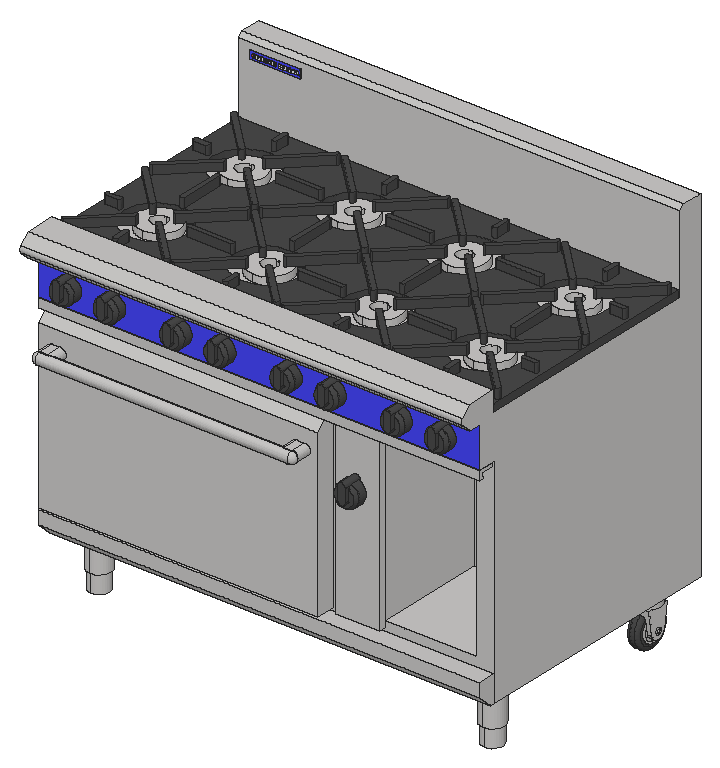
Revit family "QF_MOFFAT_BLUESEAL_CE_GE58D", category Specialty Equipment, Revit 2012 (continued)
Lines and regions (mm)
  Split face 1
    outline origin (1200, 0, 1085) x (-1, 0, 0) y (0, -1, 0)
      loop
        arc (935.206, 45.185) -> (926.545, 40.185) -> (926.545, 30.185) r 10
        line (926.545, 30.185) -> (930.587, 23.185)
        arc (930.587, 23.185) -> (934.247, 19.525) -> (939.247, 18.185) r 10
        line (939.247, 18.185) -> (1167.206, 18.185)
        arc (1167.206, 18.185) -> (1175.866, 23.185) -> (1175.866, 33.185) r 10
        line (1175.866, 33.185) -> (1171.824, 40.185)
        arc (1171.824, 40.185) -> (1168.164, 43.845) -> (1163.164, 45.185) r 10
        line (1163.164, 45.185) -> (935.206, 45.185)
  Split face 2
    outline origin (1200, 0, 1085) x (-1, 0, 0) y (0, -1, 0)
      loop
        arc (635.206, 45.185) -> (626.545, 40.185) -> (626.545, 30.185) r 10
        line (626.545, 30.185) -> (630.587, 23.185)
        arc (630.587, 23.185) -> (634.247, 19.525) -> (639.247, 18.185) r 10
        line (639.247, 18.185) -> (867.206, 18.185)
        arc (867.206, 18.185) -> (875.866, 23.185) -> (875.866, 33.185) r 10
        line (875.866, 33.185) -> (871.824, 40.185)
        arc (871.824, 40.185) -> (868.164, 43.845) -> (863.164, 45.185) r 10
        line (863.164, 45.185) -> (635.206, 45.185)
  Split face 3
    outline origin (1200, 0, 1085) x (-1, 0, 0) y (0, -1, 0)
      loop
        arc (335.206, 45.185) -> (326.545, 40.185) -> (326.545, 30.185) r 10
        line (326.545, 30.185) -> (330.587, 23.185)
        arc (330.587, 23.185) -> (334.247, 19.525) -> (339.247, 18.185) r 10
        line (339.247, 18.185) -> (567.206, 18.185)
        arc (567.206, 18.185) -> (575.866, 23.185) -> (575.866, 33.185) r 10
        line (575.866, 33.185) -> (571.824, 40.185)
        arc (571.824, 40.185) -> (568.164, 43.845) -> (563.164, 45.185) r 10
        line (563.164, 45.185) -> (335.206, 45.185)
  Split face 4
    outline origin (1200, 0, 1085) x (-1, 0, 0) y (0, -1, 0)
      loop
        arc (35.206, 45.185) -> (26.545, 40.185) -> (26.545, 30.185) r 10
        line (26.545, 30.185) -> (30.587, 23.185)
        arc (30.587, 23.185) -> (34.247, 19.525) -> (39.247, 18.185) r 10
        line (39.247, 18.185) -> (267.206, 18.185)
        arc (267.206, 18.185) -> (275.866, 23.185) -> (275.866, 33.185) r 10
        line (275.866, 33.185) -> (271.824, 40.185)
        arc (271.824, 40.185) -> (268.164, 43.845) -> (263.164, 45.185) r 10
        line (263.164, 45.185) -> (35.206, 45.185)
  symbolic lines
    curve 1: line (0, 0, 0) -> (0, -812, 0)
    curve 2: line (1200, 0, 0) -> (0, 0, 0)
    curve 3: line (1200, -812, 0) -> (1200, 0, 0)
    curve 4: line (0, -70, 0) -> (1200, -70, 0)
    curve 5: line (1200, -812, 0) -> (0, -812, 0)
    curve 6: line (1200, -708.3, 0) -> (0, -708.3, 0)
    curve 7: line (0, -705, 0) -> (1200, -705, 0)
    curve 8: line (1200, -72.734, 0) -> (0, -72.734, 0)
    curve 9: arc (22.65, -812, 0) -> (34.104, -822.278, 0) -> (48.889, -826.544, 0) r 34.455
    curve 10: line (48.889, -826.544, 0) -> (718.108, -826.544, 0)
    curve 11: arc (718.108, -826.544, 0) -> (732.653, -822.647, 0) -> (743.3, -812, 0) r 29.089
    curve 12: line (6.08, -94.387, 0) -> (121.515, -209.822, 0)
    curve 13: line (293.92, -94.387, 0) -> (178.485, -209.822, 0)
    curve 14: line (6.83, -379.864, 0) -> (121.515, -265.178, 0)
    curve 15: line (292.516, -379.21, 0) -> (178.485, -265.178, 0)
    curve 16: line (362.78, -237.81, 0) -> (237.78, -237.81, 0)
    curve 17: line (362.78, -537.81, 0) -> (237.78, -537.81, 0)
    curve 18: line (6.08, -398.155, 0) -> (121.515, -510.089, 0)
    curve 19: line (293.92, -398.155, 0) -> (178.485, -510.089, 0)
    curve 20: line (9.883, -677.078, 0) -> (121.515, -565.446, 0)
    curve 21: line (291.622, -678.583, 0) -> (178.485, -565.446, 0)
    curve 22: arc (150, -294.5, 0) -> (207, -237.5, 0) -> (150, -180.5, 0) r 57
    curve 23: arc (150, -180.5, 0) -> (93, -237.5, 0) -> (150, -294.5, 0) r 57
    curve 24: arc (150, -594.5, 0) -> (207, -537.5, 0) -> (150, -480.5, 0) r 57
    curve 25: arc (150, -480.5, 0) -> (93, -537.5, 0) -> (150, -594.5, 0) r 57
    curve 26: line (306.08, -94.387, 0) -> (421.515, -209.822, 0)
    curve 27: line (593.92, -94.387, 0) -> (478.485, -209.822, 0)
    curve 28: line (307.269, -379.424, 0) -> (421.515, -265.178, 0)
    curve 29: line (592.673, -379.366, 0) -> (478.485, -265.178, 0)
    curve 30: line (662.78, -237.81, 0) -> (537.78, -237.81, 0)
    curve 31: arc (450, -294.5, 0) -> (507, -237.5, 0) -> (450, -180.5, 0) r 57
    curve 32: arc (450, -180.5, 0) -> (393, -237.5, 0) -> (450, -294.5, 0) r 57
    curve 33: arc (750, -294.5, 0) -> (807, -237.5, 0) -> (750, -180.5, 0) r 57
    curve 34: arc (750, -180.5, 0) -> (693, -237.5, 0) -> (750, -294.5, 0) r 57
    curve 35: arc (1050, -294.5, 0) -> (1107, -237.5, 0) -> (1050, -180.5, 0) r 57
    curve 36: arc (1050, -180.5, 0) -> (993, -237.5, 0) -> (1050, -294.5, 0) r 57
    curve 37: line (606.08, -94.387, 0) -> (721.515, -209.822, 0)
    curve 38: line (893.92, -94.387, 0) -> (778.485, -209.822, 0)
    curve 39: line (607.348, -379.345, 0) -> (721.515, -265.178, 0)
    curve 40: line (893.92, -380.613, 0) -> (778.485, -265.178, 0)
    curve 41: line (962.78, -237.81, 0) -> (837.78, -237.81, 0)
    curve 42: line (906.08, -94.387, 0) -> (1021.515, -209.822, 0)
    curve 43: line (1193.92, -94.387, 0) -> (1078.485, -209.822, 0)
    curve 44: line (906.08, -380.613, 0) -> (1021.515, -265.178, 0)
    curve 45: line (1193.125, -379.818, 0) -> (1078.485, -265.178, 0)
    curve 46: line (906.08, -397.887, 0) -> (1021.392, -513.199, 0)
    curve 47: line (1193.92, -397.887, 0) -> (1079.019, -512.788, 0)
    curve 48: line (906.697, -679.996, 0) -> (1021.515, -565.178, 0)
    curve 49: line (1191.622, -678.316, 0) -> (1078.485, -565.178, 0)
    curve 50: line (306.08, -398.155, 0) -> (421.515, -510.089, 0)
    curve 51: line (593.92, -398.155, 0) -> (478.485, -510.089, 0)
    curve 52: line (308.378, -678.583, 0) -> (421.515, -565.446, 0)
    curve 53: line (593.555, -680.516, 0) -> (478.485, -565.446, 0)
    curve 54: line (606.08, -398.155, 0) -> (721.515, -510.089, 0)
    curve 55: line (893.92, -398.155, 0) -> (778.485, -510.089, 0)
    curve 56: line (607.19, -679.771, 0) -> (721.515, -565.446, 0)
    curve 57: line (893.088, -680.05, 0) -> (778.485, -565.446, 0)
    curve 58: line (149.618, -450.258, 0) -> (149.618, -325.258, 0)
    curve 59: line (449.618, -450.258, 0) -> (449.618, -325.258, 0)
    curve 60: line (749.618, -450.258, 0) -> (749.618, -325.258, 0)
    curve 61: line (1049.618, -450.258, 0) -> (1049.618, -325.258, 0)
    curve 62: line (662.78, -537.81, 0) -> (537.78, -537.81, 0)
    curve 63: line (962.78, -537.81, 0) -> (837.78, -537.81, 0)
    curve 64: line (149.197, -139.807, 0) -> (149.197, -94.807, 0)
    curve 65: line (149.197, -674.807, 0) -> (149.197, -634.807, 0)
    curve 66: line (449.197, -139.807, 0) -> (449.197, -94.807, 0)
    curve 67: line (449.197, -674.807, 0) -> (449.197, -634.807, 0)
    curve 68: line (749.197, -139.807, 0) -> (749.197, -94.807, 0)
    curve 69: line (749.197, -674.807, 0) -> (749.197, -634.807, 0)
    curve 70: line (1049.197, -139.807, 0) -> (1049.197, -94.807, 0)
    curve 71: line (1049.197, -674.807, 0) -> (1049.197, -634.807, 0)
    curve 72: line (49.678, -236.51, 0) -> (14.678, -236.51, 0)
    curve 73: line (49.678, -536.51, 0) -> (14.678, -536.51, 0)
    curve 74: arc (450, -594.5, 0) -> (507, -537.5, 0) -> (450, -480.5, 0) r 57
    curve 75: arc (450, -480.5, 0) -> (393, -537.5, 0) -> (450, -594.5, 0) r 57
    curve 76: arc (750, -480.5, 0) -> (693, -537.5, 0) -> (750, -594.5, 0) r 57
    curve 77: arc (750, -594.5, 0) -> (807, -537.5, 0) -> (750, -480.5, 0) r 57
    curve 78: arc (1050, -480.5, 0) -> (993, -537.5, 0) -> (1050, -594.5, 0) r 57
    curve 79: arc (1050, -594.5, 0) -> (1107, -537.5, 0) -> (1050, -480.5, 0) r 57
    curve 80: line (1150.322, -236.51, 0) -> (1185.322, -236.51, 0)
    curve 81: line (1150.322, -536.51, 0) -> (1185.322, -536.51, 0)
    curve 85: arc (150, -322.5, 0) -> (65, -237.5, 0) -> (150, -152.5, 0) r 85
    curve 86: arc (150, -152.5, 0) -> (235, -237.5, 0) -> (150, -322.5, 0) r 85
    curve 87: arc (450, -322.5, 0) -> (365, -237.5, 0) -> (450, -152.5, 0) r 85
    curve 88: arc (450, -152.5, 0) -> (535, -237.5, 0) -> (450, -322.5, 0) r 85
    curve 89: arc (150, -452.768, 0) -> (235, -537.768, 0) -> (150, -622.768, 0) r 85
    curve 90: arc (150, -622.768, 0) -> (65, -537.768, 0) -> (150, -452.768, 0) r 85
    curve 91: arc (450, -622.768, 0) -> (365, -537.768, 0) -> (450, -452.768, 0) r 85
    curve 92: arc (450, -452.768, 0) -> (535, -537.768, 0) -> (450, -622.768, 0) r 85
    curve 93: arc (750, -322.5, 0) -> (665, -237.5, 0) -> (750, -152.5, 0) r 85
    curve 94: arc (750, -152.5, 0) -> (835, -237.5, 0) -> (750, -322.5, 0) r 85
    curve 95: arc (1050, -322.5, 0) -> (965, -237.5, 0) -> (1050, -152.5, 0) r 85
    curve 96: arc (1050, -152.5, 0) -> (1135, -237.5, 0) -> (1050, -322.5, 0) r 85
    curve 97: arc (750, -452.768, 0) -> (835, -537.768, 0) -> (750, -622.768, 0) r 85
    curve 98: arc (750, -622.768, 0) -> (665, -537.768, 0) -> (750, -452.768, 0) r 85
    curve 99: arc (1050, -622.768, 0) -> (965, -537.768, 0) -> (1050, -452.768, 0) r 85
    curve 100: arc (1050, -452.768, 0) -> (1135, -537.768, 0) -> (1050, -622.768, 0) r 85
    curve 101: line (300.232, -72.734, 0) -> (300.232, -705, 0)
    curve 102: line (0, -390.308, 0) -> (1200, -390.308, 0)
    curve 103: line (600, -72.734, 0) -> (600, -705, 0)
    curve 104: line (900, -72.734, 0) -> (900, -705, 0)
    curve 105: arc (150, -215.5, 0) -> (172, -237.5, 0) -> (150, -259.5, 0) r 22
    curve 106: arc (150, -259.5, 0) -> (128, -237.5, 0) -> (150, -215.5, 0) r 22
    curve 107: arc (450, -215.5, 0) -> (472, -237.5, 0) -> (450, -259.5, 0) r 22
    curve 108: arc (450, -259.5, 0) -> (428, -237.5, 0) -> (450, -215.5, 0) r 22
    curve 109: arc (750, -215.5, 0) -> (772, -237.5, 0) -> (750, -259.5, 0) r 22
    curve 110: arc (750, -259.5, 0) -> (728, -237.5, 0) -> (750, -215.5, 0) r 22
    curve 111: arc (1050, -259.5, 0) -> (1028, -237.5, 0) -> (1050, -215.5, 0) r 22
    curve 112: arc (1050, -215.5, 0) -> (1072, -237.5, 0) -> (1050, -259.5, 0) r 22
    curve 113: arc (150, -515.5, 0) -> (172, -537.5, 0) -> (150, -559.5, 0) r 22
    curve 114: arc (150, -559.5, 0) -> (128, -537.5, 0) -> (150, -515.5, 0) r 22
    curve 115: arc (450, -515.5, 0) -> (472, -537.5, 0) -> (450, -559.5, 0) r 22
    curve 116: arc (450, -559.5, 0) -> (428, -537.5, 0) -> (450, -515.5, 0) r 22
    curve 117: arc (750, -515.5, 0) -> (772, -537.5, 0) -> (750, -559.5, 0) r 22
    curve 118: arc (750, -559.5, 0) -> (728, -537.5, 0) -> (750, -515.5, 0) r 22
    curve 119: arc (1050, -515.5, 0) -> (1072, -537.5, 0) -> (1050, -559.5, 0) r 22
    curve 120: arc (1050, -559.5, 0) -> (1028, -537.5, 0) -> (1050, -515.5, 0) r 22
    curve 121: line (1160.753, -18.185, 0) -> (932.794, -18.185, 0)
    curve 122: arc (932.794, -18.185, 0) -> (924.134, -23.185, 0) -> (924.134, -33.185, 0) r 10
    curve 123: line (924.134, -33.185, 0) -> (928.176, -40.185, 0)
    curve 124: arc (928.176, -40.185, 0) -> (931.836, -43.845, 0) -> (936.836, -45.185, 0) r 10
    curve 125: line (936.836, -45.185, 0) -> (1164.794, -45.185, 0)
    curve 126: arc (1164.794, -45.185, 0) -> (1173.455, -40.185, 0) -> (1173.455, -30.185, 0) r 10
    curve 127: line (1173.455, -30.185, 0) -> (1169.413, -23.185, 0)
    curve 128: arc (1169.413, -23.185, 0) -> (1165.753, -19.525, 0) -> (1160.753, -18.185, 0) r 10
    curve 129: line (632.794, -18.185, 0) -> (860.753, -18.185, 0)
    curve 130: arc (860.753, -18.185, 0) -> (865.753, -19.525, 0) -> (869.413, -23.185, 0) r 10
    curve 131: line (869.413, -23.185, 0) -> (873.455, -30.185, 0)
    curve 132: arc (873.455, -30.185, 0) -> (873.455, -40.185, 0) -> (864.794, -45.185, 0) r 10
    curve 133: line (864.794, -45.185, 0) -> (636.836, -45.185, 0)
    curve 134: arc (636.836, -45.185, 0) -> (631.836, -43.845, 0) -> (628.176, -40.185, 0) r 10
    curve 135: line (628.176, -40.185, 0) -> (624.134, -33.185, 0)
    curve 136: arc (624.134, -33.185, 0) -> (624.134, -23.185, 0) -> (632.794, -18.185, 0) r 10
    curve 137: line (332.794, -18.185, 0) -> (560.753, -18.185, 0)
    curve 138: arc (560.753, -18.185, 0) -> (565.753, -19.525, 0) -> (569.413, -23.185, 0) r 10
    curve 139: line (569.413, -23.185, 0) -> (573.455, -30.185, 0)
    curve 140: arc (573.455, -30.185, 0) -> (573.455, -40.185, 0) -> (564.794, -45.185, 0) r 10
    curve 141: line (564.794, -45.185, 0) -> (336.836, -45.185, 0)
    curve 142: arc (336.836, -45.185, 0) -> (331.836, -43.845, 0) -> (328.176, -40.185, 0) r 10
    curve 143: line (328.176, -40.185, 0) -> (324.134, -33.185, 0)
    curve 144: arc (324.134, -33.185, 0) -> (324.134, -23.185, 0) -> (332.794, -18.185, 0) r 10
    curve 145: line (260.753, -18.185, 0) -> (32.794, -18.185, 0)
    curve 146: arc (32.794, -18.185, 0) -> (24.134, -23.185, 0) -> (24.134, -33.185, 0) r 10
    curve 147: line (24.134, -33.185, 0) -> (28.176, -40.185, 0)
    curve 148: arc (28.176, -40.185, 0) -> (31.836, -43.845, 0) -> (36.836, -45.185, 0) r 10
    curve 149: line (36.836, -45.185, 0) -> (264.794, -45.185, 0)
    curve 150: arc (264.794, -45.185, 0) -> (273.455, -40.185, 0) -> (273.455, -30.185, 0) r 10
    curve 151: line (273.455, -30.185, 0) -> (269.413, -23.185, 0)
    curve 152: arc (269.413, -23.185, 0) -> (265.753, -19.525, 0) -> (260.753, -18.185, 0) r 10
    curve 153: line (0, -57.5, 0) -> (1200, -57.5, 0)
    curve 154: line (0, -783.97, 0) -> (1200, -783.97, 0)
  symbolic lines, style "QF_Door-Drawer Clearances", visible <- "Show Clearance"
    curve 82: line (0, -1218.847, 0) -> (760, -1218.847, 0)
    curve 83: line (760, -1218.847, 0) -> (760, -812, 0)
    curve 84: line (0, -1218.847, 0) -> (0, -812, 0)
Dimensions and locks
  equal spacing: plane 3 "LEFT", plane 7 "Center Y", plane 4 "RIGHT"
  "Width": plane 3 "LEFT" to plane 4 "RIGHT"
  equal spacing: plane 5 "FRONT", plane 8 "Center X", plane 1 "BACK"
  plane 5 "FRONT" to plane 1 "BACK" = 812 mm  (x2)
  equal spacing: plane 4 "RIGHT", plane 7 "Center Y", plane 3 "LEFT"
  plane 4 "RIGHT" to plane 3 "LEFT" = 1200 mm
  "Height": plane 6 "TOP" to level
  plane 10 to plane 1 "BACK" = 574.272 mm
  plane 12 to plane 1 "BACK" = 304.972 mm  (x2)
  plane 11 to plane 3 "LEFT" = 60 mm
  plane 14 to plane 3 "LEFT" = 74 mm
  plane 9 to plane 3 "LEFT" = 280 mm
  "Depth": plane 1 "BACK" to plane 15
  plane 5 "FRONT" to plane 15 = 0 mm
  plane 6 "TOP" to plane 2 = 970 mm
  locked: plane 2 to Extrusion 1 sketch curve at 861.8
  locked: plane 2 to Extrusion 1 sketch curve at 915
  locked: plane 4 "RIGHT" to plane 16 at 65.5
  Extrusion 8 sketch curve to plane 20 = 64.8 mm
  Extrusion 33 sketch curve to plane 4 "RIGHT" = 374 mm
  Extrusion 33 sketch curve to plane 1 "BACK" = 501 mm
  plane 21 to level = 1085 mm
  Revolve 37 sketch curve to Revolve 37 sketch curve = 50.8 mm
  Revolve 41 sketch curve to Revolve 41 sketch curve = 50.8 mm
  aligned and locked: level to plane 2
  aligned and locked: curve 3 to plane 4 "RIGHT"
  aligned and locked: Extrusion 1 to plane 4 "RIGHT"
  aligned and locked: plane 16 to Revolve 4
  aligned and locked: plane 4 "RIGHT" to Extrusion 8 sketch curve
  aligned and locked: Extrusion 28 to Extrusion 2
Automatic sketch dimensions
  Extrusion 2 sketch curve to Extrusion 2 sketch curve = 24 mm  (x2)
  Extrusion 2 sketch curve to Extrusion 2 sketch curve = 50 mm
  level to Extrusion 2 sketch curve = 227.5 mm
  Extrusion 3 sketch curve to Extrusion 3 sketch curve = 15 mm
  level to Extrusion 3 sketch curve = 227.5 mm
  Revolve 4 sketch curve to level = 0 mm
  Revolve 4 sketch curve to plane 10 = 82.478 mm
  Revolve 4 sketch curve to Revolve 4 sketch curve = 4.25 mm
  Revolve 4 sketch curve to Revolve 4 sketch curve = 27.5 mm  (x2)
  level to Revolve 4 sketch curve = 50 mm
  Revolve 4 sketch curve to Revolve 4 sketch curve = 0 mm
  Revolve 4 sketch curve to Revolve 4 sketch curve = 100 mm
  Revolve 4 sketch curve to Revolve 4 sketch curve = 55 mm
  Revolve 5 sketch curve to level = 0 mm
  Revolve 5 sketch curve to plane 10 = 82.478 mm
  Revolve 5 sketch curve to Revolve 5 sketch curve = 4.25 mm
  Revolve 5 sketch curve to Revolve 5 sketch curve = 27.5 mm  (x2)
  Revolve 5 sketch curve to level = 55 mm
  Revolve 5 sketch curve to Revolve 5 sketch curve = 50 mm
  Revolve 5 sketch curve to Revolve 5 sketch curve = 0 mm
  Revolve 5 sketch curve to Revolve 5 sketch curve = 100 mm
  plane 17 to Extrusion 6 sketch curve = 0 mm
  Extrusion 6 sketch curve to plane 16 = 64.5 mm
  Revolve 10 sketch curve to plane 5 "FRONT" = 19 mm
  Revolve 10 sketch curve to Revolve 10 sketch curve = 0 mm  (x2)
  Revolve 10 sketch curve to Revolve 10 sketch curve = 11 mm
  Revolve 10 sketch curve to Revolve 10 sketch curve = 12.7 mm
  Revolve 10 sketch curve to Revolve 10 sketch curve = 23 mm
  Revolve 10 sketch curve to Revolve 10 sketch curve = 10 mm
  plane 18 to Revolve 10 sketch curve = 141.882 mm
  Revolve 10 sketch curve to Revolve 10 sketch curve = 5 mm
  Revolve 10 sketch curve to Revolve 10 sketch curve = 26.651 mm
  Revolve 10 sketch curve to Revolve 10 sketch curve = 5.849 mm
  Revolve 11 sketch curve to plane 5 "FRONT" = 19 mm
  Revolve 11 sketch curve to Revolve 11 sketch curve = 0 mm  (x2)
  Revolve 11 sketch curve to Revolve 11 sketch curve = 11 mm
  Revolve 11 sketch curve to Revolve 11 sketch curve = 12.7 mm
  Revolve 11 sketch curve to Revolve 11 sketch curve = 23 mm
  Revolve 11 sketch curve to Revolve 11 sketch curve = 10 mm
  plane 18 to Revolve 11 sketch curve = 141.882 mm
  Revolve 11 sketch curve to Revolve 11 sketch curve = 5 mm
  Revolve 11 sketch curve to Revolve 11 sketch curve = 26.651 mm
  Revolve 11 sketch curve to Revolve 11 sketch curve = 5.849 mm
  Revolve 12 sketch curve to plane 5 "FRONT" = 19 mm
  Revolve 12 sketch curve to Revolve 12 sketch curve = 0 mm  (x2)
  Revolve 12 sketch curve to Revolve 12 sketch curve = 11 mm
  Revolve 12 sketch curve to Revolve 12 sketch curve = 12.7 mm
  Revolve 12 sketch curve to Revolve 12 sketch curve = 23 mm
  Revolve 12 sketch curve to Revolve 12 sketch curve = 10 mm
  plane 18 to Revolve 12 sketch curve = 174.382 mm
  Revolve 12 sketch curve to Revolve 12 sketch curve = 5.849 mm
  Revolve 12 sketch curve to Revolve 12 sketch curve = 27.5 mm
  Revolve 12 sketch curve to Revolve 12 sketch curve = 5 mm
  Revolve 13 sketch curve to plane 5 "FRONT" = 19 mm
  Revolve 13 sketch curve to Revolve 13 sketch curve = 0 mm  (x2)
  Revolve 13 sketch curve to Revolve 13 sketch curve = 11 mm
  Revolve 13 sketch curve to Revolve 13 sketch curve = 12.7 mm
  Revolve 13 sketch curve to Revolve 13 sketch curve = 23 mm
  Revolve 13 sketch curve to Revolve 13 sketch curve = 10 mm
  plane 18 to Revolve 13 sketch curve = 174.382 mm
  Revolve 13 sketch curve to Revolve 13 sketch curve = 5.849 mm
  Revolve 13 sketch curve to Revolve 13 sketch curve = 27.5 mm
  Revolve 13 sketch curve to Revolve 13 sketch curve = 5 mm
  Revolve 14 sketch curve to plane 5 "FRONT" = 19 mm
  Revolve 14 sketch curve to Revolve 14 sketch curve = 0 mm  (x2)
  Revolve 14 sketch curve to Revolve 14 sketch curve = 11 mm
  Revolve 14 sketch curve to Revolve 14 sketch curve = 12.7 mm
  Revolve 14 sketch curve to Revolve 14 sketch curve = 23 mm
  Revolve 14 sketch curve to Revolve 14 sketch curve = 10 mm
  plane 18 to Revolve 14 sketch curve = 174.382 mm
  Revolve 14 sketch curve to Revolve 14 sketch curve = 5.849 mm
  Revolve 14 sketch curve to Revolve 14 sketch curve = 27.5 mm
  Revolve 14 sketch curve to Revolve 14 sketch curve = 5 mm
  Revolve 15 sketch curve to plane 5 "FRONT" = 19 mm
  Revolve 15 sketch curve to Revolve 15 sketch curve = 0 mm  (x2)
  Revolve 15 sketch curve to Revolve 15 sketch curve = 11 mm
  Revolve 15 sketch curve to Revolve 15 sketch curve = 12.7 mm
  Revolve 15 sketch curve to Revolve 15 sketch curve = 23 mm
  Revolve 15 sketch curve to Revolve 15 sketch curve = 10 mm
  plane 18 to Revolve 15 sketch curve = 174.382 mm
  Revolve 15 sketch curve to Revolve 15 sketch curve = 5.849 mm
  Revolve 15 sketch curve to Revolve 15 sketch curve = 27.5 mm
  Revolve 15 sketch curve to Revolve 15 sketch curve = 5 mm
  Revolve 16 sketch curve to plane 5 "FRONT" = 19 mm
  Revolve 16 sketch curve to Revolve 16 sketch curve = 0 mm  (x2)
  Revolve 16 sketch curve to Revolve 16 sketch curve = 11 mm
  Revolve 16 sketch curve to Revolve 16 sketch curve = 12.7 mm
  Revolve 16 sketch curve to Revolve 16 sketch curve = 23 mm
  Revolve 16 sketch curve to Revolve 16 sketch curve = 10 mm
  plane 18 to Revolve 16 sketch curve = 141.882 mm
  Revolve 16 sketch curve to Revolve 16 sketch curve = 5 mm
  Revolve 16 sketch curve to Revolve 16 sketch curve = 26.651 mm
  Revolve 16 sketch curve to Revolve 16 sketch curve = 5.849 mm
  Revolve 17 sketch curve to plane 5 "FRONT" = 19 mm
  Revolve 17 sketch curve to Revolve 17 sketch curve = 0 mm  (x2)
  Revolve 17 sketch curve to Revolve 17 sketch curve = 11 mm
  Revolve 17 sketch curve to Revolve 17 sketch curve = 12.7 mm
  Revolve 17 sketch curve to Revolve 17 sketch curve = 23 mm
  Revolve 17 sketch curve to Revolve 17 sketch curve = 10 mm
  plane 18 to Revolve 17 sketch curve = 141.882 mm
  Revolve 17 sketch curve to Revolve 17 sketch curve = 5 mm
  Revolve 17 sketch curve to Revolve 17 sketch curve = 26.651 mm
  Revolve 17 sketch curve to Revolve 17 sketch curve = 5.849 mm
  plane 14 to Extrusion 18 sketch curve = 26.156 mm
  plane 14 to Extrusion 18 sketch curve = 16.156 mm
  plane 18 to Extrusion 18 sketch curve = 168.882 mm
  Extrusion 18 sketch curve to Extrusion 18 sketch curve = 35 mm
  Extrusion 19 sketch curve to plane 9 = 59.844 mm
  Extrusion 19 sketch curve to Extrusion 19 sketch curve = 10 mm
  plane 18 to Extrusion 19 sketch curve = 168.882 mm
  Extrusion 19 sketch curve to Extrusion 19 sketch curve = 35 mm
  plane 9 to Extrusion 20 sketch curve = 120.132 mm
  Extrusion 20 sketch curve to Extrusion 20 sketch curve = 10 mm
  plane 18 to Extrusion 20 sketch curve = 168.882 mm
  Extrusion 20 sketch curve to Extrusion 20 sketch curve = 35 mm
  Extrusion 21 sketch curve to plane 7 "Center Y" = 79.868 mm
  Extrusion 21 sketch curve to Extrusion 21 sketch curve = 10 mm
  plane 18 to Extrusion 21 sketch curve = 168.882 mm
  Extrusion 21 sketch curve to Extrusion 21 sketch curve = 35 mm
  plane 7 "Center Y" to Extrusion 22 sketch curve = 100.108 mm
  Extrusion 22 sketch curve to Extrusion 22 sketch curve = 10 mm
  plane 18 to Extrusion 22 sketch curve = 168.882 mm
  Extrusion 22 sketch curve to Extrusion 22 sketch curve = 35 mm
  plane 7 "Center Y" to Extrusion 23 sketch curve = 220.108 mm
  Extrusion 23 sketch curve to Extrusion 23 sketch curve = 10 mm
  plane 18 to Extrusion 23 sketch curve = 168.882 mm
  Extrusion 23 sketch curve to Extrusion 23 sketch curve = 35 mm
  Extrusion 24 sketch curve to plane 16 = 134.417 mm
  Extrusion 24 sketch curve to Extrusion 24 sketch curve = 10 mm
  plane 18 to Extrusion 24 sketch curve = 168.882 mm
  Extrusion 24 sketch curve to Extrusion 24 sketch curve = 35 mm
  Extrusion 25 sketch curve to plane 16 = 14.417 mm
  Extrusion 25 sketch curve to Extrusion 25 sketch curve = 10 mm
  plane 18 to Extrusion 25 sketch curve = 168.882 mm
  Extrusion 25 sketch curve to Extrusion 25 sketch curve = 35 mm
  Revolve 26 sketch curve to plane 5 "FRONT" = 54.5 mm
  Revolve 26 sketch curve to Revolve 26 sketch curve = 0 mm  (x2)
  Revolve 26 sketch curve to Revolve 26 sketch curve = 11 mm
  Revolve 26 sketch curve to Revolve 26 sketch curve = 12.7 mm
  Revolve 26 sketch curve to Revolve 26 sketch curve = 23 mm
  Revolve 26 sketch curve to Revolve 26 sketch curve = 10 mm
  Revolve 26 sketch curve to plane 18 = 104.368 mm
  Revolve 26 sketch curve to Revolve 26 sketch curve = 5 mm
  Revolve 26 sketch curve to Revolve 26 sketch curve = 26.651 mm
  Revolve 26 sketch curve to Revolve 26 sketch curve = 5.849 mm
  plane 7 "Center Y" to Extrusion 27 sketch curve = 227.344 mm
  Extrusion 27 sketch curve to Extrusion 27 sketch curve = 10 mm
  Extrusion 27 sketch curve to plane 18 = 112.368 mm
  Extrusion 27 sketch curve to Extrusion 27 sketch curve = 35 mm
  Extrusion 7 sketch curve to Extrusion 1 = 50 mm
  Extrusion 1 to Extrusion 7 sketch curve = 60.219 mm
  Extrusion 1 to Extrusion 7 sketch curve = 96 mm
  Extrusion 7 sketch curve to Extrusion 7 sketch curve = 250 mm
  Extrusion 9 sketch curve to plane 17 = 61.602 mm  (x5)
  Extrusion 9 sketch curve to Extrusion 9 sketch curve = 0 mm  (x23)
  plane 3 "LEFT" to Extrusion 9 sketch curve = 15.153 mm
  Extrusion 9 sketch curve to plane 7 "Center Y" = 15.153 mm  (x2)
  plane 7 "Center Y" to Extrusion 9 sketch curve = 15.153 mm
  plane 4 "RIGHT" to Extrusion 9 sketch curve = 15.153 mm  (x2)
  plane 9 to Extrusion 9 sketch curve = 4.847 mm  (x3)
  Extrusion 9 sketch curve to Extrusion 9 sketch curve = 4.525 mm  (x48)
  Extrusion 9 sketch curve to plane 17 = 67.398 mm  (x4)
  Extrusion 9 sketch curve to Extrusion 9 sketch curve = 36.204 mm  (x8)
  Extrusion 9 sketch curve to Extrusion 9 sketch curve = 65.923 mm  (x4)
  plane 3 "LEFT" to Extrusion 9 sketch curve = 16.591 mm  (x2)
  plane 12 to Extrusion 9 sketch curve = 74.863 mm  (x2)
  plane 4 "RIGHT" to Extrusion 9 sketch curve = 15.648 mm  (x2)
  Extrusion 9 sketch curve to Extrusion 9 sketch curve = 20.524 mm  (x13)
  Extrusion 9 sketch curve to Extrusion 9 sketch curve = 6.4 mm  (x22)
  plane 12 to Extrusion 9 sketch curve = 40.548 mm  (x8)
  Extrusion 9 sketch curve to plane 12 = 24.426 mm  (x4)
  Extrusion 9 sketch curve to plane 13 = 7.374 mm  (x8)
  plane 8 "Center X" to Extrusion 9 sketch curve = 8.898 mm  (x8)
  plane 8 "Center X" to Extrusion 9 sketch curve = 4.372 mm  (x8)
  Extrusion 9 sketch curve to plane 8 "Center X" = 43.102 mm  (x4)
  Extrusion 9 sketch curve to Extrusion 9 sketch curve = 55.923 mm  (x12)
  plane 10 to Extrusion 9 sketch curve = 43.646 mm  (x2)
  Extrusion 9 sketch curve to plane 11 = 9.416 mm  (x2)
  plane 10 to Extrusion 9 sketch curve = 43.172 mm  (x3)
  plane 10 to Extrusion 9 sketch curve = 9.848 mm  (x8)
  plane 10 to Extrusion 9 sketch curve = 5.323 mm  (x8)
  Extrusion 9 sketch curve to plane 10 = 65.126 mm  (x4)
  plane 9 to Extrusion 9 sketch curve = 13.898 mm
  Extrusion 9 sketch curve to plane 10 = 98.074 mm  (x5)
  plane 7 "Center Y" to Extrusion 9 sketch curve = 6.102 mm  (x3)
  plane 4 "RIGHT" to Extrusion 9 sketch curve = 6.102 mm
  plane 9 to Extrusion 9 sketch curve = 26.102 mm
  Extrusion 9 sketch curve to plane 7 "Center Y" = 6.102 mm
  plane 3 "LEFT" to Extrusion 9 sketch curve = 6.102 mm  (x3)
  plane 14 to Extrusion 9 sketch curve = 40.025 mm  (x4)
  plane 14 to Extrusion 9 sketch curve = 69.6 mm
  Extrusion 9 sketch curve to Extrusion 9 sketch curve = 53.847 mm  (x16)
  Extrusion 9 sketch curve to plane 9 = 38.102 mm  (x2)
  Extrusion 9 sketch curve to Extrusion 9 sketch curve = 12.205 mm  (x7)
  plane 9 to Extrusion 9 sketch curve = 78.102 mm  (x2)
  Extrusion 9 sketch curve to plane 7 "Center Y" = 58.102 mm  (x2)
  plane 7 "Center Y" to Extrusion 9 sketch curve = 58.102 mm  (x2)
  Extrusion 9 sketch curve to Extrusion 9 sketch curve = 128.447 mm  (x3)
  Extrusion 9 sketch curve to Extrusion 9 sketch curve = 116.204 mm  (x2)
  Extrusion 9 sketch curve to plane 16 = 90.9 mm
  plane 16 to Extrusion 9 sketch curve = 15.859 mm  (x2)
  Extrusion 28 sketch curve to Extrusion 2 = 0 mm  (x2)
  Extrusion 28 sketch curve to Extrusion 28 sketch curve = 469.847 mm
  Extrusion 29 sketch curve to plane 16 = 0.512 mm
  Extrusion 29 sketch curve to Extrusion 29 sketch curve = 81 mm
  Extrusion 29 sketch curve to plane 17 = 6.76 mm
  Extrusion 29 sketch curve to Extrusion 29 sketch curve = 48.5 mm
  Extrusion 29 sketch curve to plane 1 "BACK" = 30.24 mm
  Extrusion 29 sketch curve to plane 17 = 55.26 mm
  Extrusion 3 sketch curve to plane 5 "FRONT" = 98 mm
  plane 18 to Extrusion 3 sketch curve = 45 mm
  Extrusion 30 sketch curve to plane 11 = 1.472 mm
  Extrusion 30 sketch curve to plane 18 = 46.875 mm  (x2)
  Extrusion 30 sketch curve to Extrusion 30 sketch curve = 15 mm  (x2)
  plane 7 "Center Y" to Extrusion 30 sketch curve = 102.757 mm
  Extrusion 30 sketch curve to Extrusion 30 sketch curve = 20.282 mm  (x2)
  Revolve 31 sketch curve to plane 3 "LEFT" = 6.961 mm
  plane 3 "LEFT" to Revolve 31 sketch curve = 23.246 mm
  Revolve 31 sketch curve to plane 18 = 16.875 mm
  Revolve 31 sketch curve to Revolve 31 sketch curve = 15 mm
  Revolve 31 sketch curve to plane 7 "Center Y" = 11.961 mm
  plane 7 "Center Y" to Revolve 31 sketch curve = 123.039 mm
  Revolve 31 sketch curve to Revolve 31 sketch curve = 0 mm
  Extrusion 32 sketch curve to Extrusion 32 sketch curve = 0 mm  (x17)
  Extrusion 1 to Extrusion 32 sketch curve = 167.5 mm  (x4)
  Extrusion 32 sketch curve to Extrusion 1 = 178.5 mm  (x4)
  Extrusion 1 to Extrusion 32 sketch curve = 150 mm  (x4)
  Extrusion 32 sketch curve to Extrusion 32 sketch curve = 300 mm  (x3)
  curve 22 to curve 106 = 0 mm
  curve 23 to curve 85 = 0 mm
  curve 23 to curve 86 = 0 mm
  curve 24 to curve 113 = 0 mm
  curve 24 to curve 114 = 0 mm
  curve 31 to curve 107 = 0 mm
  curve 32 to curve 88 = 0 mm  (x2)
  curve 33 to curve 93 = 0 mm
  curve 34 to curve 94 = 0 mm
  curve 34 to curve 109 = 0 mm
  curve 35 to curve 95 = 0 mm
  curve 36 to curve 95 = 0 mm
  curve 36 to curve 111 = 0 mm
  curve 75 to curve 116 = 0 mm  (x2)
  curve 77 to curve 117 = 0 mm
  curve 77 to curve 118 = 0 mm
  curve 78 to curve 119 = 0 mm
  curve 79 to curve 120 = 0 mm
  curve 85 to curve 106 = 0 mm
  curve 87 to curve 108 = 0 mm
  curve 94 to curve 110 = 0 mm
  curve 95 to curve 112 = 0 mm
  plane 1 "BACK" to curve 1 = 0 mm
  curve 1 to plane 3 "LEFT" = 0 mm
  plane 5 "FRONT" to curve 9 = 0 mm
  plane 22 to curve 101 = 0 mm
  curve 103 to plane 7 "Center Y" = 0 mm
  plane 3 "LEFT" to curve 12 = 6.08 mm
  plane 3 "LEFT" to curve 18 = 6.08 mm
  plane 3 "LEFT" to curve 14 = 6.83 mm
  plane 3 "LEFT" to curve 20 = 9.883 mm
  plane 3 "LEFT" to curve 73 = 14.678 mm
  plane 3 "LEFT" to curve 72 = 14.678 mm
  plane 3 "LEFT" to curve 9 = 22.65 mm
  curve 10 to plane 11 = 11.111 mm
  curve 72 to plane 11 = 10.322 mm
  curve 73 to plane 11 = 10.322 mm
  curve 9 to plane 11 = 9.192 mm
  plane 14 to curve 12 = 47.515 mm
  plane 14 to curve 18 = 47.515 mm
  plane 14 to curve 14 = 47.515 mm
  plane 10 to curve 20 = 8.826 mm
  plane 14 to curve 20 = 47.515 mm
  curve 65 to plane 22 = 30.193 mm
  plane 14 to curve 65 = 75.197 mm
  plane 14 to curve 64 = 75.197 mm
  curve 18 to curve 58 = 28.103 mm
  plane 10 to curve 113 = 14.772 mm
  curve 20 to curve 113 = 28.485 mm
  curve 12 to curve 105 = 28.485 mm
  curve 58 to curve 90 = 0.382 mm
  plane 12 to curve 15 = 39.794 mm
  curve 105 to curve 15 = 28.485 mm
  curve 105 to curve 13 = 28.485 mm
  curve 113 to curve 19 = 28.485 mm
  plane 10 to curve 21 = 8.826 mm
  curve 114 to curve 21 = 28.485 mm
  curve 17 to plane 9 = 42.22 mm
  curve 16 to plane 9 = 42.22 mm
  plane 9 to curve 21 = 11.622 mm
  plane 9 to curve 15 = 12.516 mm
  plane 9 to curve 19 = 13.92 mm
  plane 9 to curve 13 = 13.92 mm
  plane 9 to curve 101 = 20.232 mm
  curve 13 to curve 26 = 12.16 mm
  plane 8 "Center X" to curve 50 = 7.845 mm
  curve 19 to curve 50 = 12.16 mm
  curve 15 to curve 28 = 14.753 mm
  curve 21 to curve 52 = 16.756 mm
  plane 9 to curve 16 = 82.78 mm
  plane 10 to curve 17 = 36.462 mm
  plane 9 to curve 17 = 82.78 mm
  plane 10 to curve 52 = 8.826 mm
  curve 17 to curve 52 = 58.735 mm
  curve 16 to curve 26 = 58.735 mm
  plane 12 to curve 28 = 39.794 mm
  curve 28 to curve 26 = 0 mm
  plane 10 to curve 50 = 64.183 mm
  curve 50 to curve 52 = 0 mm
  curve 26 to curve 66 = 27.682 mm
  curve 52 to curve 67 = 27.682 mm
  curve 59 to plane 12 = 20.285 mm
  curve 28 to curve 59 = 28.103 mm
  plane 10 to curve 115 = 14.772 mm
  curve 52 to curve 115 = 28.485 mm
  curve 26 to curve 108 = 28.485 mm
  curve 67 to curve 92 = 0.803 mm
  curve 115 to curve 51 = 28.485 mm
  plane 10 to curve 53 = 8.826 mm
  curve 115 to curve 53 = 28.485 mm
  plane 12 to curve 29 = 39.794 mm
  curve 107 to curve 29 = 28.485 mm
  curve 108 to curve 27 = 28.485 mm
  curve 62 to plane 7 "Center Y" = 62.22 mm
  curve 30 to plane 7 "Center Y" = 62.22 mm
  curve 29 to plane 7 "Center Y" = 7.327 mm
  curve 53 to plane 7 "Center Y" = 6.445 mm
  curve 27 to plane 7 "Center Y" = 6.08 mm
  curve 51 to plane 7 "Center Y" = 6.08 mm
  plane 7 "Center Y" to curve 37 = 6.08 mm
  plane 7 "Center Y" to curve 54 = 6.08 mm
  plane 7 "Center Y" to curve 56 = 7.19 mm
  plane 7 "Center Y" to curve 39 = 7.348 mm
  plane 7 "Center Y" to curve 30 = 62.78 mm
  plane 7 "Center Y" to curve 62 = 62.78 mm
  curve 11 to plane 5 "FRONT" = 14.544 mm
  plane 7 "Center Y" to curve 11 = 118.108 mm
  plane 10 to curve 56 = 8.826 mm
  curve 62 to curve 56 = 58.735 mm
  curve 54 to curve 56 = 0 mm
  plane 12 to curve 39 = 39.794 mm
  curve 30 to curve 39 = 58.735 mm
  curve 37 to curve 39 = 0 mm
  curve 11 to curve 11 = 25.191 mm
  curve 56 to curve 69 = 27.682 mm
  curve 37 to curve 68 = 27.682 mm
  curve 54 to curve 60 = 28.103 mm
  curve 54 to curve 77 = 28.485 mm
  curve 60 to curve 98 = 0.382 mm
  curve 39 to curve 109 = 28.485 mm
  plane 7 "Center Y" to curve 82 = 160 mm
  plane 10 to curve 55 = 64.183 mm
  curve 118 to curve 55 = 28.485 mm
  plane 12 to curve 40 = 39.794 mm
  curve 109 to curve 40 = 28.485 mm
  curve 109 to curve 38 = 28.485 mm
  plane 10 to curve 57 = 8.826 mm
  curve 118 to curve 57 = 28.485 mm
  curve 57 to curve 63 = 59.295 mm
  curve 40 to curve 41 = 59.295 mm
  curve 57 to plane 22 = 24.95 mm
  curve 69 to curve 57 = 143.891 mm
  plane 8 "Center X" to curve 55 = 7.845 mm
  curve 63 to curve 55 = 56.14 mm
  curve 40 to plane 13 = 15.641 mm
  curve 40 to curve 55 = 0 mm
  curve 38 to plane 17 = 62.387 mm
  curve 68 to curve 38 = 144.723 mm
  curve 38 to curve 104 = 6.08 mm
  curve 42 to plane 17 = 62.387 mm
  curve 38 to curve 42 = 12.16 mm
  curve 44 to plane 13 = 15.641 mm
  curve 40 to curve 44 = 12.16 mm
  plane 8 "Center X" to curve 46 = 8.113 mm
  curve 55 to curve 46 = 12.16 mm
  curve 48 to plane 22 = 25.004 mm
  curve 57 to curve 48 = 13.609 mm
  curve 41 to curve 41 = 125 mm
  plane 10 to curve 63 = 36.462 mm
  curve 63 to curve 63 = 125 mm
  curve 63 to curve 46 = 58.612 mm
  plane 10 to curve 48 = 9.094 mm
  curve 46 to curve 48 = 0.123 mm
  curve 41 to curve 42 = 58.735 mm
  plane 12 to curve 44 = 39.794 mm
  curve 44 to curve 42 = 0 mm
  curve 71 to plane 22 = 30.193 mm
  curve 71 to plane 16 = 85.303 mm
  curve 42 to curve 70 = 27.682 mm
  curve 61 to plane 12 = 20.285 mm
  curve 44 to curve 61 = 28.103 mm
  curve 71 to curve 100 = 0.803 mm
  curve 78 to curve 99 = 0 mm
  curve 61 to curve 96 = 0.382 mm
  curve 111 to curve 43 = 28.485 mm
  plane 10 to curve 49 = 9.094 mm
  curve 119 to curve 49 = 28.485 mm
  curve 111 to curve 45 = 28.485 mm
  curve 119 to curve 47 = 29.019 mm
  plane 16 to curve 80 = 15.822 mm
  plane 16 to curve 81 = 15.822 mm
  plane 4 "RIGHT" to curve 80 = 14.678 mm
  plane 4 "RIGHT" to curve 81 = 14.678 mm
  plane 4 "RIGHT" to curve 49 = 8.378 mm
  plane 4 "RIGHT" to curve 45 = 6.875 mm
  plane 4 "RIGHT" to curve 43 = 6.08 mm
  plane 4 "RIGHT" to curve 47 = 6.08 mm
  curve 82 to curve 10 = 392.303 mm
  plane 22 to curve 6 = 3.3 mm
  curve 53 to plane 22 = 24.484 mm
  curve 53 to curve 56 = 0.745 mm
  curve 21 to plane 22 = 26.417 mm
  curve 21 to curve 52 = 0 mm
  curve 49 to plane 22 = 26.684 mm
  curve 20 to plane 22 = 27.922 mm
  curve 69 to plane 22 = 30.193 mm
  curve 67 to plane 22 = 30.193 mm
  curve 67 to curve 67 = 40 mm
  curve 69 to curve 69 = 40 mm
  curve 71 to curve 71 = 40 mm
  curve 65 to curve 65 = 40 mm
  curve 69 to curve 98 = 12.039 mm
  curve 67 to curve 92 = 12.039 mm
  curve 65 to curve 90 = 12.039 mm
  curve 71 to curve 99 = 12.039 mm
  curve 75 to plane 10 = 20.228 mm
  curve 76 to plane 10 = 20.228 mm
  curve 24 to plane 10 = 20.228 mm
  curve 78 to plane 10 = 20.228 mm
  plane 10 to curve 119 = 14.772 mm
  plane 10 to curve 117 = 14.772 mm
  plane 10 to curve 62 = 36.462 mm
  curve 119 to curve 99 = 21.732 mm
  curve 113 to curve 90 = 21.732 mm
  curve 115 to curve 92 = 21.732 mm
  curve 117 to curve 97 = 21.732 mm
  curve 91 to curve 75 = 0.268 mm
  curve 99 to curve 79 = 0.268 mm
  curve 97 to curve 76 = 0.268 mm
  curve 89 to curve 113 = 0.268 mm
  plane 10 to curve 73 = 37.763 mm
  plane 10 to curve 81 = 37.763 mm
  curve 119 to curve 46 = 2.301 mm
  curve 119 to curve 47 = 2.712 mm
  curve 113 to curve 18 = 5.411 mm
  curve 117 to curve 54 = 5.411 mm
  curve 113 to curve 19 = 5.411 mm
  curve 115 to curve 51 = 5.411 mm
  curve 99 to curve 61 = 2.51 mm
  curve 91 to curve 59 = 2.51 mm
  curve 97 to curve 60 = 2.51 mm
  curve 89 to curve 58 = 2.51 mm
  plane 8 "Center X" to curve 18 = 7.845 mm
  plane 8 "Center X" to curve 54 = 7.845 mm
  plane 8 "Center X" to curve 51 = 7.845 mm
  plane 8 "Center X" to curve 19 = 7.845 mm
  plane 8 "Center X" to curve 47 = 8.113 mm
  curve 47 to curve 102 = 7.578 mm
  curve 102 to curve 14 = 10.445 mm
  curve 102 to curve 45 = 10.49 mm
  curve 28 to plane 13 = 14.452 mm
  curve 29 to plane 13 = 14.394 mm
  curve 39 to plane 13 = 14.373 mm
  curve 15 to plane 13 = 14.238 mm
  curve 58 to plane 12 = 20.285 mm
  curve 60 to plane 12 = 20.285 mm
  curve 59 to curve 88 = 2.758 mm
  curve 61 to curve 96 = 2.758 mm
  curve 60 to curve 94 = 2.758 mm
  curve 58 to curve 86 = 2.758 mm
  plane 12 to curve 34 = 10.472 mm
  plane 12 to curve 32 = 10.472 mm
  plane 12 to curve 36 = 10.472 mm
  plane 12 to curve 22 = 10.472 mm
  plane 12 to curve 45 = 39.794 mm
  plane 12 to curve 14 = 39.794 mm
  curve 45 to curve 112 = 5.678 mm
  curve 29 to curve 108 = 5.678 mm
  curve 40 to curve 109 = 5.678 mm
  curve 15 to curve 105 = 5.678 mm
  curve 39 to curve 30 = 27.368 mm
  curve 15 to curve 16 = 27.368 mm
  curve 44 to curve 41 = 27.368 mm
  curve 108 to curve 31 = 22 mm
  curve 105 to curve 106 = 22 mm
  curve 109 to curve 93 = 22 mm
  curve 111 to curve 112 = 22 mm
  plane 12 to curve 72 = 68.463 mm
  plane 12 to curve 80 = 68.463 mm
  curve 110 to curve 37 = 5.678 mm
  curve 105 to curve 13 = 5.678 mm
  curve 108 to curve 27 = 5.678 mm
  curve 108 to curve 26 = 5.678 mm
  curve 111 to curve 42 = 5.678 mm
  curve 111 to curve 43 = 5.678 mm
  curve 109 to curve 38 = 5.678 mm
  curve 106 to curve 12 = 5.678 mm
  curve 94 to curve 68 = 12.693 mm
  curve 87 to curve 66 = 12.693 mm
  curve 85 to curve 64 = 12.693 mm
  curve 96 to curve 70 = 12.693 mm
  curve 66 to curve 66 = 45 mm
  curve 68 to curve 68 = 45 mm
  curve 70 to curve 70 = 45 mm
  curve 64 to curve 64 = 45 mm
  curve 43 to plane 17 = 62.387 mm
  curve 26 to plane 17 = 62.387 mm
  curve 13 to curve 26 = 0 mm
  curve 12 to plane 17 = 62.387 mm
  curve 27 to plane 17 = 62.387 mm
  curve 27 to curve 37 = 0 mm
  curve 37 to curve 103 = 21.653 mm
  curve 8 to curve 4 = 2.734 mm
  plane 22 to Extrusion 8 sketch curve = 0 mm
  Extrusion 8 sketch curve to plane 22 = 3 mm  (x2)
  plane 10 to Extrusion 8 sketch curve = 36.504 mm  (x4)
  plane 12 to Extrusion 8 sketch curve = 67.472 mm  (x4)
  Extrusion 8 sketch curve to plane 17 = 42 mm  (x2)
  plane 4 "RIGHT" to Extrusion 8 sketch curve = 3 mm
  plane 14 to Extrusion 8 sketch curve = 76 mm  (x2)
  Extrusion 8 sketch curve to plane 7 "Center Y" = 150 mm  (x2)
  plane 7 "Center Y" to Extrusion 8 sketch curve = 150 mm  (x2)
  Extrusion 8 sketch curve to plane 16 = 84.5 mm  (x2)
  Split face 1 sketch curve to cut or joined group of Extrusion 1, Extrusion 7, Extrusion 29 = 27.315 mm
  Split face 1 sketch curve to cut or joined group of Extrusion 1, Extrusion 7, Extrusion 29 = 926.545 mm
  Split face 1 sketch curve to cut or joined group of Extrusion 1, Extrusion 7, Extrusion 29 = 23.185 mm
  Split face 1 sketch curve to Split face 1 sketch curve = 4.041 mm  (x4)
  Split face 1 sketch curve to Split face 1 sketch curve = 8.66 mm  (x2)
  Split face 1 sketch curve to cut or joined group of Extrusion 1, Extrusion 7, Extrusion 29 = 22.315 mm
  Split face 1 sketch curve to Split face 1 sketch curve = 223.917 mm
  Split face 1 sketch curve to cut or joined group of Extrusion 1, Extrusion 7, Extrusion 29 = 17.315 mm
  Split face 1 sketch curve to Split face 1 sketch curve = 17 mm
  Split face 1 sketch curve to Split face 1 sketch curve = 7 mm
  Split face 2 sketch curve to cut or joined group of Extrusion 1, Extrusion 7, Extrusion 29 = 27.315 mm
  Split face 2 sketch curve to cut or joined group of Extrusion 1, Extrusion 7, Extrusion 29 = 626.545 mm
  Split face 2 sketch curve to cut or joined group of Extrusion 1, Extrusion 7, Extrusion 29 = 23.185 mm
  Split face 2 sketch curve to Split face 2 sketch curve = 4.041 mm  (x4)
  Split face 2 sketch curve to Split face 2 sketch curve = 8.66 mm  (x2)
  Split face 2 sketch curve to cut or joined group of Extrusion 1, Extrusion 7, Extrusion 29 = 22.315 mm
  Split face 2 sketch curve to Split face 2 sketch curve = 223.917 mm
  Split face 2 sketch curve to cut or joined group of Extrusion 1, Extrusion 7, Extrusion 29 = 17.315 mm
  Split face 2 sketch curve to Split face 2 sketch curve = 17 mm
  Split face 2 sketch curve to Split face 2 sketch curve = 7 mm
  Split face 3 sketch curve to cut or joined group of Extrusion 1, Extrusion 7, Extrusion 29 = 27.315 mm
  Split face 3 sketch curve to cut or joined group of Extrusion 1, Extrusion 7, Extrusion 29 = 326.545 mm
  Split face 3 sketch curve to cut or joined group of Extrusion 1, Extrusion 7, Extrusion 29 = 23.185 mm
  Split face 3 sketch curve to Split face 3 sketch curve = 4.041 mm  (x4)
  Split face 3 sketch curve to Split face 3 sketch curve = 8.66 mm  (x2)
  Split face 3 sketch curve to cut or joined group of Extrusion 1, Extrusion 7, Extrusion 29 = 22.315 mm
  Split face 3 sketch curve to Split face 3 sketch curve = 223.917 mm
  Split face 3 sketch curve to cut or joined group of Extrusion 1, Extrusion 7, Extrusion 29 = 17.315 mm
  Split face 3 sketch curve to Split face 3 sketch curve = 17 mm
  Split face 3 sketch curve to Split face 3 sketch curve = 7 mm
  Split face 4 sketch curve to cut or joined group of Extrusion 1, Extrusion 7, Extrusion 29 = 27.315 mm
  Split face 4 sketch curve to cut or joined group of Extrusion 1, Extrusion 7, Extrusion 29 = 26.545 mm
  Split face 4 sketch curve to cut or joined group of Extrusion 1, Extrusion 7, Extrusion 29 = 23.185 mm
  Split face 4 sketch curve to Split face 4 sketch curve = 4.041 mm  (x4)
  Split face 4 sketch curve to Split face 4 sketch curve = 8.66 mm  (x2)
  Split face 4 sketch curve to cut or joined group of Extrusion 1, Extrusion 7, Extrusion 29 = 22.315 mm
  Split face 4 sketch curve to Split face 4 sketch curve = 223.917 mm
  Split face 4 sketch curve to cut or joined group of Extrusion 1, Extrusion 7, Extrusion 29 = 17.315 mm
  Split face 4 sketch curve to Split face 4 sketch curve = 17 mm
  Split face 4 sketch curve to Split face 4 sketch curve = 7 mm
  curve 122 to plane 17 = 1.185 mm
  curve 104 to curve 122 = 24.134 mm
  curve 123 to plane 17 = 8.185 mm
  curve 123 to curve 123 = 4.041 mm
  curve 122 to curve 122 = 8.66 mm
  curve 124 to curve 124 = 8.66 mm
  plane 17 to curve 128 = 3.815 mm
  plane 16 to curve 128 = 26.253 mm
  curve 126 to plane 17 = 3.185 mm
  curve 128 to curve 126 = 4.041 mm
  plane 17 to curve 127 = 8.815 mm
  curve 128 to curve 127 = 8.66 mm
  plane 17 to curve 126 = 1.815 mm
  curve 127 to curve 126 = 4.041 mm
  curve 136 to plane 17 = 1.185 mm
  plane 7 "Center Y" to curve 136 = 24.134 mm
  curve 136 to curve 134 = 4.041 mm
  plane 17 to curve 136 = 3.815 mm
  curve 136 to curve 136 = 8.66 mm
  curve 134 to curve 134 = 8.66 mm
  curve 130 to curve 123 = 63.381 mm
  curve 132 to plane 17 = 3.185 mm
  curve 130 to curve 132 = 4.041 mm  (x2)
  plane 17 to curve 131 = 8.815 mm
  curve 130 to curve 131 = 8.66 mm
  plane 17 to curve 132 = 1.815 mm
  curve 134 to curve 136 = 7 mm
  curve 143 to plane 17 = 1.185 mm
  plane 9 to curve 143 = 44.134 mm
  curve 143 to plane 17 = 8.185 mm
  curve 143 to curve 143 = 4.041 mm
  plane 17 to curve 137 = 13.815 mm
  curve 144 to curve 137 = 8.66 mm
  curve 142 to plane 17 = 3.185 mm
  curve 144 to curve 142 = 4.041 mm
  curve 138 to plane 7 "Center Y" = 39.247 mm
  curve 138 to curve 140 = 4.041 mm  (x2)
  plane 17 to curve 139 = 8.815 mm
  curve 138 to curve 139 = 8.66 mm
  plane 17 to curve 140 = 1.815 mm
  curve 147 to plane 17 = 1.185 mm
  plane 3 "LEFT" to curve 147 = 24.134 mm
  curve 146 to curve 148 = 4.041 mm
  curve 146 to curve 145 = 8.66 mm
  curve 148 to curve 148 = 8.66 mm
  plane 17 to curve 152 = 3.815 mm
  curve 152 to plane 9 = 19.247 mm
  curve 149 to plane 9 = 15.206 mm
  curve 152 to curve 151 = 8.66 mm
  plane 17 to curve 151 = 1.815 mm
  curve 151 to plane 9 = 6.545 mm
  curve 150 to plane 17 = 13.185 mm
  curve 147 to curve 146 = 7 mm
  plane 17 to curve 146 = 3.815 mm
  Extrusion 34 sketch curve to plane 23 = 0 mm
  Extrusion 34 sketch curve to plane 23 = 19.393 mm
  Extrusion 34 sketch curve to plane 23 = 31.75 mm
  plane 23 to Extrusion 34 sketch curve = 19.393 mm
  plane 23 to Extrusion 34 sketch curve = 31.75 mm
  level to Extrusion 34 sketch curve = 45.111 mm
  Extrusion 34 sketch curve to Extrusion 34 sketch curve = 4.889 mm
  Extrusion 34 sketch curve to Extrusion 34 sketch curve = 64.889 mm
  Revolve 35 sketch curve to plane 23 = 0 mm  (x2)
  Revolve 35 sketch curve to plane 23 = 35.75 mm
  Revolve 35 sketch curve to level = 55 mm
  level to Revolve 35 sketch curve = 50 mm
  Revolve 35 sketch curve to Revolve 35 sketch curve = 60 mm
  Revolve 35 sketch curve to Revolve 35 sketch curve = 40 mm
  Revolve 36 sketch curve to plane 23 = 0 mm  (x2)
  Revolve 36 sketch curve to plane 23 = 35.75 mm
  level to Revolve 36 sketch curve = 150 mm
  Revolve 36 sketch curve to Revolve 36 sketch curve = 40 mm
  level to Revolve 36 sketch curve = 50 mm
  Revolve 36 sketch curve to level = 55 mm
  level to Revolve 37 sketch curve = 50.8 mm
  plane 7 "Center Y" to Revolve 37 sketch curve = 500.118 mm
  Revolve 37 sketch curve to Revolve 37 sketch curve = 1.27 mm  (x4)
  Revolve 37 sketch curve to Revolve 37 sketch curve = 1.524 mm  (x2)
  Revolve 37 sketch curve to Revolve 37 sketch curve = 12.146 mm  (x2)
  Revolve 37 sketch curve to Revolve 37 sketch curve = 2.762 mm
  Revolve 37 sketch curve to Revolve 37 sketch curve = 0.794 mm  (x2)
  level to Revolve 37 sketch curve = 71.128 mm
  Revolve 37 sketch curve to Revolve 37 sketch curve = 3.57 mm
  level to Revolve 37 sketch curve = 79.375 mm  (x2)
  Revolve 37 sketch curve to Revolve 37 sketch curve = 2.143 mm
  Revolve 37 sketch curve to Revolve 37 sketch curve = 9.525 mm
  Revolve 37 sketch curve to Revolve 37 sketch curve = 24.572 mm
  Revolve 37 sketch curve to Revolve 37 sketch curve = 12.7 mm
  Revolve 37 sketch curve to Revolve 37 sketch curve = 8.176 mm
  Revolve 37 sketch curve to Revolve 37 sketch curve = 1.349 mm  (x2)
  level to Revolve 37 sketch curve = 71.039 mm
  Revolve 37 sketch curve to Revolve 37 sketch curve = 3.556 mm
  level to Revolve 37 sketch curve = 55.575 mm
  Revolve 37 sketch curve to Revolve 37 sketch curve = 33.32 mm
  Revolve 37 sketch curve to Revolve 37 sketch curve = 20.239 mm
  Revolve 37 sketch curve to Revolve 37 sketch curve = 3.505 mm
  Revolve 37 sketch curve to Revolve 37 sketch curve = 3.447 mm  (x2)
  Revolve 37 sketch curve to Revolve 37 sketch curve = 2.053 mm
  Revolve 37 sketch curve to Revolve 37 sketch curve = 2.061 mm
  Revolve 37 sketch curve to Revolve 37 sketch curve = 6.35 mm  (x2)
  Extrusion 38 sketch curve to plane 23 = 0 mm
  Extrusion 38 sketch curve to plane 23 = 19.393 mm
  Extrusion 38 sketch curve to plane 23 = 31.75 mm
  plane 23 to Extrusion 38 sketch curve = 19.393 mm
  plane 23 to Extrusion 38 sketch curve = 31.75 mm
  level to Extrusion 38 sketch curve = 45.111 mm
  Extrusion 38 sketch curve to Extrusion 38 sketch curve = 4.889 mm
  Extrusion 38 sketch curve to Extrusion 38 sketch curve = 64.889 mm
  Revolve 39 sketch curve to level = 0 mm
  Revolve 39 sketch curve to plane 23 = 0 mm  (x2)
  Revolve 39 sketch curve to Revolve 39 sketch curve = 27.5 mm
  Revolve 39 sketch curve to Revolve 39 sketch curve = 31.75 mm
  Revolve 39 sketch curve to level = 55 mm
  Revolve 39 sketch curve to Revolve 39 sketch curve = 50 mm
  Revolve 39 sketch curve to Revolve 39 sketch curve = 0 mm
  Revolve 39 sketch curve to Revolve 39 sketch curve = 100 mm
  Revolve 40 sketch curve to level = 0 mm
  Revolve 40 sketch curve to plane 23 = 0 mm  (x2)
  Revolve 40 sketch curve to Revolve 40 sketch curve = 27.5 mm
  Revolve 40 sketch curve to Revolve 40 sketch curve = 31.75 mm
  level to Revolve 40 sketch curve = 50 mm
  Revolve 40 sketch curve to Revolve 40 sketch curve = 0 mm
  Revolve 40 sketch curve to Revolve 40 sketch curve = 100 mm
  Revolve 40 sketch curve to Revolve 40 sketch curve = 55 mm
  plane 14 to Revolve 41 sketch curve = 25.382 mm
  Revolve 41 sketch curve to Revolve 41 sketch curve = 1.27 mm  (x4)
  Revolve 41 sketch curve to Revolve 41 sketch curve = 1.524 mm  (x2)
  plane 14 to Revolve 41 sketch curve = 10.442 mm
  plane 14 to Revolve 41 sketch curve = 7.68 mm
  Revolve 41 sketch curve to Revolve 41 sketch curve = 0.794 mm  (x2)
  Revolve 41 sketch curve to Revolve 41 sketch curve = 3.57 mm
  Revolve 41 sketch curve to Revolve 41 sketch curve = 2.143 mm
  Revolve 41 sketch curve to plane 14 = 2.639 mm
  Revolve 41 sketch curve to plane 11 = 0.13 mm
  Revolve 41 sketch curve to plane 11 = 1.339 mm
  Revolve 41 sketch curve to plane 11 = 9.515 mm
  Revolve 41 sketch curve to Revolve 41 sketch curve = 1.349 mm  (x2)
  Revolve 41 sketch curve to Revolve 41 sketch curve = 3.556 mm
  Revolve 41 sketch curve to Revolve 41 sketch curve = 12.146 mm
  Revolve 41 sketch curve to plane 3 "LEFT" = 2.68 mm
  level to Revolve 41 sketch curve = 101.6 mm
  Revolve 41 sketch curve to Revolve 41 sketch curve = 6.35 mm  (x4)
  Revolve 41 sketch curve to Revolve 41 sketch curve = 8.247 mm
  Revolve 41 sketch curve to Revolve 41 sketch curve = 8.336 mm
  Revolve 41 sketch curve to Revolve 41 sketch curve = 2.061 mm
  Revolve 41 sketch curve to Revolve 41 sketch curve = 2.053 mm
  Revolve 41 sketch curve to Revolve 41 sketch curve = 10.045 mm
  Revolve 41 sketch curve to Revolve 41 sketch curve = 9.964 mm
  Revolve 41 sketch curve to Revolve 41 sketch curve = 3.447 mm  (x2)
  Revolve 41 sketch curve to Revolve 41 sketch curve = 3.505 mm
  curve 4 to curve 153 = 12.5 mm
  curve 154 to plane 5 "FRONT" = 28.03 mm
  Extrusion 1 sketch curve to plane 22 = 0 mm
  Extrusion 1 sketch curve to plane 21 = 0 mm
  Extrusion 1 sketch curve to plane 1 "BACK" = 0 mm
  plane 22 to Extrusion 1 sketch curve = 2.93 mm
  plane 22 to Extrusion 1 sketch curve = 35.224 mm
  Extrusion 1 sketch curve to Extrusion 1 sketch curve = 2.389 mm
  Extrusion 1 sketch curve to Extrusion 1 sketch curve = 6.387 mm
  Extrusion 1 sketch curve to Extrusion 1 sketch curve = 0 mm  (x2)
  Extrusion 1 sketch curve to plane 5 "FRONT" = 28.03 mm
  Extrusion 1 sketch curve to plane 5 "FRONT" = 27.03 mm
  Extrusion 1 sketch curve to plane 5 "FRONT" = 11.991 mm
  Extrusion 1 sketch curve to plane 5 "FRONT" = 3.51 mm  (x2)
  Extrusion 1 sketch curve to plane 22 = 6 mm
  Extrusion 1 sketch curve to plane 21 = 12.5 mm
  plane 23 to Extrusion 1 sketch curve = 30 mm
  Extrusion 1 sketch curve to Extrusion 1 sketch curve = 12.5 mm
  Extrusion 1 sketch curve to Extrusion 1 sketch curve = 11.8 mm
  plane 18 to Extrusion 1 sketch curve = 85 mm
  Extrusion 1 sketch curve to Extrusion 1 sketch curve = 2.216 mm
  Extrusion 1 sketch curve to Extrusion 1 sketch curve = 7.004 mm
  Extrusion 1 sketch curve to Extrusion 1 sketch curve = 16.999 mm
  Extrusion 1 sketch curve to Extrusion 1 sketch curve = 36.5 mm
  Extrusion 1 sketch curve to Extrusion 1 sketch curve = 23.52 mm
  Extrusion 1 sketch curve to Extrusion 1 sketch curve = 8.48 mm
  plane 22 to Extrusion 1 sketch curve = 44 mm
  Extrusion 1 sketch curve to plane 22 = 1.8 mm
  Extrusion 1 sketch curve to Extrusion 1 sketch curve = 36 mm
  level to Extrusion 1 sketch curve = 150 mm
  plane 22 to Extrusion 1 sketch curve = 8 mm
  plane 22 to Extrusion 2 sketch curve = 44 mm
  plane 18 to Extrusion 2 sketch curve = 21 mm
  radius of Extrusion 6 sketch curve = 10 mm
  radius of Extrusion 32 sketch curve = 57 mm  (x8)
  radius of Extrusion 32 sketch curve = 22 mm  (x8)
  radius of Extrusion 33 sketch curve = 6.35 mm
  radius of Extrusion 8 sketch curve = 85 mm  (x8)
Nested families
  nested 1: "WALDORF LOGO_FACE BASE" at (32, -70, 1056.385) x (1, 0, 0) z (0, -1, 0), visible <- "Show Logo", type "WALDORF LOGO_FACE BASE", detail levels medium+fine
    with Show Logo yes
